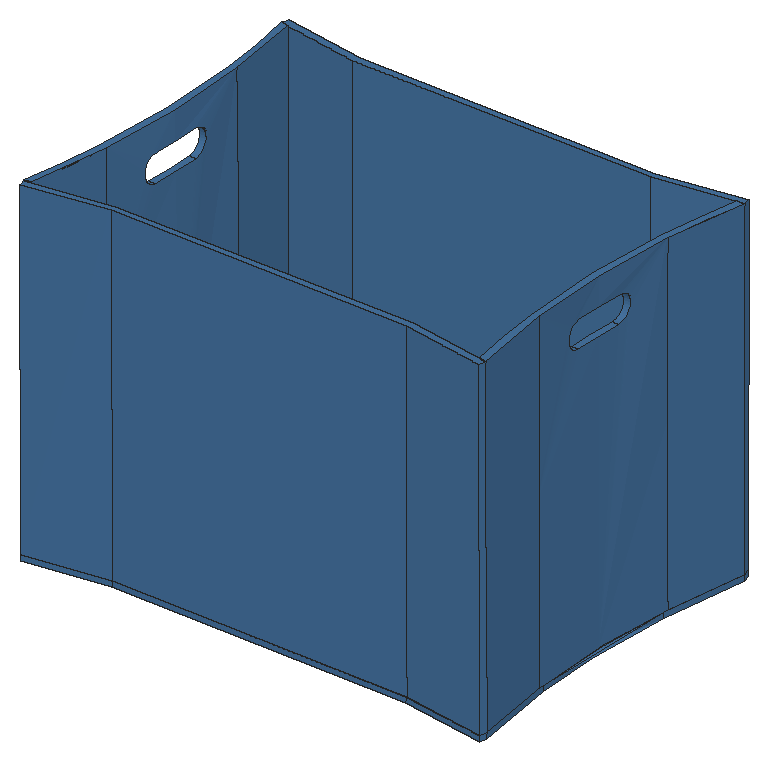
Revit family "Haworth_BuzziBox", category Furniture, Revit 2018 (continued)
Definition of nested family "Haworth_BuzziBox_PART"
  Forms (in)
    SweptBlend 29, solid, material <- "Box Body Finish", visible <- "XXS Box"
      profile origin (41.97205, -2.05164, 0) x (0, -1, -0.000064) y (1, 0, 0)
        loop
          arc (-0.31397, -2.93036) -> (-0.96917, -3.93359) -> (-1.2763, -5.0918) r 3.76821
          arc (-1.2763, -5.0918) -> (-1.51543, -9.89252) -> (-1.2763, -14.69325) r 48.30928
          arc (-1.2763, -14.69325) -> (-0.96534, -15.86004) -> (-0.30127, -16.86856) r 3.76821
          line (-0.30127, -16.86856) -> (-0.01926, -16.58654)
          arc (-0.01926, -16.58654) -> (-0.60518, -15.68939) -> (-0.87983, -14.65365) r 3.36978
          arc (-0.87983, -14.65365) -> (-1.11699, -9.89252) -> (-0.87983, -5.13139) r 47.91085
      end profile origin (41.97205, -2.15134, 10.63) x (0, -0.999825, -0.018693) y (1, 0, 0)
        loop
          arc (-0.95185, -5.13139) -> (-0.68102, -4.10425) -> (-0.1039, -3.21245) r 3.36978
          line (-0.1039, -3.21245) -> (-0.38599, -2.93036)
          arc (-0.38599, -2.93036) -> (-1.04119, -3.93359) -> (-1.34832, -5.0918) r 3.76821
          arc (-1.34832, -5.0918) -> (-1.58745, -9.89252) -> (-1.34832, -14.69325) r 48.30928
          arc (-1.34832, -14.69325) -> (-1.03736, -15.86004) -> (-0.37329, -16.86856) r 3.76821
          line (-0.37329, -16.86856) -> (-0.09127, -16.58654)
          arc (-0.09127, -16.58654) -> (-0.6772, -15.68939) -> (-0.95185, -14.65365) r 3.36978
          arc (-0.95185, -14.65365) -> (-1.18901, -9.89252) -> (-0.95185, -5.13139) r 47.91085
    SweptBlend 30, solid, material <- "Box Body Finish", visible <- "XXS Box"
      path origin (-5.53058, -8.03368, 0) x (-1, 0, 0) y (0, 0, -1)
        loop
          arc (-45.75051, 0) -> (-45.77854, -5.31525) -> (-45.85608, -10.63) r 570.5932
      profile origin (40.21994, -8.03368, 0) x (-1, 0, 0.000616) y (0, -1, 0)
        loop
          arc (1.59165, -10.86257) -> (1.45446, -12.30786) -> (1.18616, -13.73463) r 15.91773
          arc (1.18616, -13.73463) -> (1.42379, -13.53682) -> (1.67684, -13.35915) r 3.76995
          arc (1.67684, -13.35915) -> (1.88067, -12.12661) -> (1.98961, -10.8821) r 16.31617
          arc (1.98961, -10.8821) -> (2.01023, -10.04119) -> (1.98961, -9.20029) r 17.16114
          arc (1.98961, -9.20029) -> (1.8809, -7.93468) -> (1.67975, -6.68044) r 17.32581
          arc (1.67975, -6.68044) -> (1.42927, -6.50508) -> (1.19382, -6.30998) r 3.76995
          arc (1.19382, -6.30998) -> (1.45596, -7.75625) -> (1.59165, -9.21981) r 16.92738
          arc (1.59165, -9.21981) -> (1.61179, -10.04119) -> (1.59165, -10.86257) r 16.7627
      end profile origin (40.32551, -8.03368, 10.63) x (-0.999815, 0, 0.019245) y (0, -1, 0)
        loop
          arc (1.67729, -10.86257) -> (1.53638, -12.33404) -> (1.25958, -13.78609) r 15.91773
          spline (1.25958, -13.78609) -> (1.29824, -13.75097) -> (1.33739, -13.71638) -> (1.37701, -13.68233) -> (1.4171, -13.64884) -> (1.45765, -13.61591) -> (1.49866, -13.58354) -> (1.5401, -13.55174) -> (1.58199, -13.52052) -> (1.6243, -13.48989) -> (1.66703, -13.45984) -> (1.71017, -13.43039) -> (1.75372, -13.40153)
          arc (1.75372, -13.40153) -> (1.96358, -12.14808) -> (2.07525, -10.8821) r 16.31617
          arc (2.07525, -10.8821) -> (2.09586, -10.04119) -> (2.07525, -9.20029) r 17.16114
          arc (2.07525, -9.20029) -> (1.9639, -7.91336) -> (1.75698, -6.63831) r 17.32581
          spline (1.75698, -6.63831) -> (1.71392, -6.60984) -> (1.67124, -6.58079) -> (1.62897, -6.55116) -> (1.58711, -6.52095) -> (1.54566, -6.49017) -> (1.50464, -6.45883) -> (1.46406, -6.42692) -> (1.42391, -6.39447) -> (1.38421, -6.36147) -> (1.34497, -6.32792) -> (1.30619, -6.29385) -> (1.26788, -6.25924)
          arc (1.26788, -6.25924) -> (1.53805, -7.73047) -> (1.67729, -9.21981) r 16.92738
          arc (1.67729, -9.21981) -> (1.69742, -10.04119) -> (1.67729, -10.86257) r 16.7627
    SweptBlend 31, solid, material <- "Box Body Finish", visible <- "XXS Box"
      path origin (69.6803, -8.03368, 0) x (1, 0, 0) y (0, 0, 1)
        loop
          arc (-45.75051, 0) -> (-45.77854, 5.31525) -> (-45.85608, 10.63) r 570.5932
      profile origin (23.92979, -8.03368, 0) x (-1, 0, -0.000616) y (0, -1, 0)
        loop
          arc (-1.59165, -10.86257) -> (-1.61179, -10.04119) -> (-1.59165, -9.21981) r 16.7627
          arc (-1.59165, -9.21981) -> (-1.45596, -7.75625) -> (-1.19382, -6.30998) r 16.92738
          arc (-1.19382, -6.30998) -> (-1.42927, -6.50508) -> (-1.67975, -6.68044) r 3.76995
          arc (-1.67975, -6.68044) -> (-1.8809, -7.93468) -> (-1.98961, -9.20029) r 17.32581
          arc (-1.98961, -9.20029) -> (-2.01023, -10.04119) -> (-1.98961, -10.8821) r 17.16114
          arc (-1.98961, -10.8821) -> (-1.88067, -12.12661) -> (-1.67684, -13.35915) r 16.31617
          arc (-1.67684, -13.35915) -> (-1.42379, -13.53682) -> (-1.18616, -13.73463) r 3.76995
          arc (-1.18616, -13.73463) -> (-1.45446, -12.30786) -> (-1.59165, -10.86257) r 15.91773
      end profile origin (23.82422, -8.03368, 10.63) x (-0.999815, 0, -0.019245) y (0, -1, 0)
        loop
          arc (-1.67729, -10.86257) -> (-1.69742, -10.04119) -> (-1.67729, -9.21981) r 16.7627
          arc (-1.67729, -9.21981) -> (-1.53805, -7.73047) -> (-1.26788, -6.25924) r 16.92738
          spline (-1.26788, -6.25924) -> (-1.30619, -6.29385) -> (-1.34497, -6.32792) -> (-1.38421, -6.36147) -> (-1.42391, -6.39447) -> (-1.46406, -6.42692) -> (-1.50464, -6.45883) -> (-1.54566, -6.49017) -> (-1.58711, -6.52095) -> (-1.62897, -6.55116) -> (-1.67124, -6.58079) -> (-1.71392, -6.60984) -> (-1.75698, -6.63831)
          arc (-1.75698, -6.63831) -> (-1.9639, -7.91336) -> (-2.07525, -9.20029) r 17.32581
          arc (-2.07525, -9.20029) -> (-2.09586, -10.04119) -> (-2.07525, -10.8821) r 17.16114
          arc (-2.07525, -10.8821) -> (-1.96358, -12.14808) -> (-1.75372, -13.40153) r 16.31617
          spline (-1.75372, -13.40153) -> (-1.71017, -13.43039) -> (-1.66703, -13.45984) -> (-1.6243, -13.48989) -> (-1.58199, -13.52052) -> (-1.5401, -13.55174) -> (-1.49866, -13.58354) -> (-1.45765, -13.61591) -> (-1.4171, -13.64884) -> (-1.37701, -13.68233) -> (-1.33739, -13.71638) -> (-1.29824, -13.75097) -> (-1.25958, -13.78609)
          arc (-1.25958, -13.78609) -> (-1.53638, -12.33404) -> (-1.67729, -10.86257) r 15.91773
    Extrusion 32, void
      sketch origin (45.19111, 125.89181, 0) x (0, 1, 0) y (0, 0, 1)
        loop
          line (-122.29208, 9.05512) -> (-125.46902, 9.05509)
          arc (-125.46902, 9.05509) -> (-126.25643, 8.26767) -> (-125.46901, 7.48026) r 0.78741
          line (-125.46901, 7.48026) -> (-122.29207, 7.48029)
          arc (-122.29207, 7.48029) -> (-121.50466, 8.26771) -> (-122.29208, 9.05512) r 0.78742
      from -28.43107 to 2.23486
    Extrusion 33, solid, material <- "Box Body Finish", visible <- "XXS Box"
      sketch origin (-0.89427, 125.89181, 0) x (1, 0, 0) y (0, 1, 0)
        loop
          arc (26.50247, -127.25181) -> (27.30343, -126.85989) -> (28.17404, -126.66705) r 3.76998
          arc (28.17404, -126.66705) -> (32.9738, -126.42822) -> (37.77357, -126.66705) r 48.34901
          arc (37.77357, -126.66705) -> (38.63816, -126.85779) -> (39.43442, -127.24492) r 3.76995
          arc (39.43442, -127.24492) -> (39.23336, -125.99111) -> (39.12463, -124.72595) r 17.33356
          arc (39.12463, -124.72595) -> (39.10398, -123.88659) -> (39.1244, -123.04722) r 17.16457
          arc (39.1244, -123.04722) -> (39.23331, -121.80078) -> (39.43737, -120.56634) r 16.32412
          arc (39.43737, -120.56634) -> (38.64026, -120.95463) -> (37.77452, -121.14601) r 3.76995
          arc (37.77452, -121.14601) -> (32.97379, -121.38494) -> (28.17307, -121.14601) r 48.34901
          arc (28.17307, -121.14601) -> (27.30129, -120.95251) -> (26.49947, -120.5594) r 3.76998
          arc (26.49947, -120.5594) -> (26.70451, -121.79727) -> (26.81386, -123.04722) r 16.32412
          arc (26.81386, -123.04722) -> (26.83428, -123.88659) -> (26.81363, -124.72595) r 17.16457
          arc (26.81363, -124.72595) -> (26.70447, -125.9946) -> (26.50247, -127.25181) r 17.33356
      from 0 to 0.31496
    Extrusion 34, solid, material <- "Box Body Finish", visible <- "M Box"
      sketch origin (0.13219, 58.21573, 0) x (1, 0, 0) y (0, 1, 0)
        loop
          arc (23.71254, -64.2509) -> (32.30608, -63.82545) -> (40.89961, -64.2509) r 87
          arc (40.89961, -64.2509) -> (42.49432, -64.43683) -> (44.08173, -64.67725) r 46.87691
          arc (44.08173, -64.67725) -> (43.78854, -62.84273) -> (43.56764, -60.99811) r 47.2871
          arc (43.56764, -60.99811) -> (43.33303, -56.28462) -> (43.56754, -51.57112) r 47.47666
          arc (43.56754, -51.57112) -> (43.75997, -49.93518) -> (44.00975, -48.30702) r 46.87929
          arc (44.00975, -48.30702) -> (42.45815, -48.54017) -> (40.89961, -48.72126) r 46.87691
          arc (40.89961, -48.72126) -> (32.30608, -49.14671) -> (23.71254, -48.72126) r 87
          arc (23.71254, -48.72126) -> (22.2025, -48.5466) -> (20.69891, -48.32307) r 46.87691
          arc (20.69891, -48.32307) -> (21.36954, -56.49801) -> (20.60504, -64.6647) r 46.87929
          arc (20.60504, -64.6647) -> (22.15533, -64.43182) -> (23.71254, -64.2509) r 46.87691
      from 0 to 0.31496
    SweptBlend 35, solid, material <- "Box Body Finish", visible <- "M Box"
      path origin (66.0881, -7.87997, 0) x (1, 0, 0) y (0, 0, 1)
        loop
          arc (-45.75051, 0.31496) -> (-45.80747, 8.03322) -> (-45.96882, 15.75) r 570.5932
      profile origin (20.33759, -7.87997, 0.31496) x (-1, 0, -0.000616) y (0, -1, 0)
        loop
          arc (-0.93283, -14.52591) -> (-1.16766, -9.81154) -> (-0.93282, -5.09718) r 47.43764
          arc (-0.93282, -5.09718) -> (-0.74071, -3.46208) -> (-0.49179, -1.83467) r 47.28232
          arc (-0.49179, -1.83467) -> (-0.66981, -1.86386) -> (-0.84795, -1.89238) r 47.27535
          arc (-0.84795, -1.89238) -> (-1.09044, -3.48851) -> (-1.27829, -5.092) r 47.275
          arc (-1.27829, -5.092) -> (-1.51509, -9.84594) -> (-1.27828, -14.59987) r 47.83703
          arc (-1.27828, -14.59987) -> (-1.12257, -15.95965) -> (-0.92756, -17.31435) r 47.27505
          arc (-0.92756, -17.31435) -> (-0.74375, -17.34347) -> (-0.56005, -17.3733) r 47.27535
          arc (-0.56005, -17.3733) -> (-0.76825, -15.95246) -> (-0.93283, -14.52591) r 46.87563
      end profile origin (20.11928, -7.87997, 15.75) x (-0.999617, 0, -0.027666) y (0, -1, 0)
        loop
          arc (-1.14536, -14.56009) -> (-1.38019, -9.8457) -> (-1.14536, -5.13132) r 47.43892
          arc (-1.14536, -5.13132) -> (-0.9649, -3.58467) -> (-0.73317, -2.04487) r 46.87691
          spline (-0.73317, -2.04487) -> (-0.76773, -2.05057) -> (-0.80229, -2.05625) -> (-0.83686, -2.06191) -> (-0.87143, -2.06754) -> (-0.90601, -2.07314) -> (-0.94059, -2.07872) -> (-0.97517, -2.08427) -> (-1.00976, -2.0898) -> (-1.04435, -2.0953) -> (-1.07895, -2.10078) -> (-1.11355, -2.10623) -> (-1.14816, -2.11165)
          arc (-1.14816, -2.11165) -> (-1.36868, -3.59856) -> (-1.54182, -5.09172) r 47.27535
          arc (-1.54182, -5.09172) -> (-1.77863, -9.8457) -> (-1.54182, -14.59968) r 47.83736
          arc (-1.54182, -14.59968) -> (-1.40015, -15.84975) -> (-1.22527, -17.0956) r 47.27535
          spline (-1.22527, -17.0956) -> (-1.1908, -17.10095) -> (-1.15632, -17.10632) -> (-1.12186, -17.11172) -> (-1.08739, -17.11714) -> (-1.05293, -17.12259) -> (-1.01848, -17.12806) -> (-0.98402, -17.13356) -> (-0.94958, -17.13908) -> (-0.91513, -17.14463) -> (-0.88069, -17.1502) -> (-0.84626, -17.1558) -> (-0.81183, -17.16143)
          arc (-0.81183, -17.16143) -> (-0.99679, -15.86309) -> (-1.14536, -14.56009) r 46.87691
    Extrusion 36, solid, material <- "Box Body Finish", visible <- "L Box"
      sketch origin (0.01291, 47.19096, 0) x (1, 0, 0) y (0, 1, 0)
        loop
          arc (20.11536, -40.65861) -> (20.34987, -45.37174) -> (20.11535, -50.08488) r 47.47794
          arc (20.11535, -50.08488) -> (19.86084, -52.16322) -> (19.51378, -54.22813) r 46.88473
          line (19.51378, -54.22813) -> (19.61467, -54.61938)
          arc (19.61467, -54.61938) -> (21.65709, -54.27887) -> (23.71254, -54.02889) r 46.87691
          arc (23.71254, -54.02889) -> (32.30608, -53.60343) -> (40.89961, -54.02889) r 87
          arc (40.89961, -54.02889) -> (42.95609, -54.27902) -> (44.9995, -54.61976) r 46.87691
          line (44.9995, -54.61976) -> (45.09857, -54.23556)
          arc (45.09857, -54.23556) -> (44.75062, -52.16697) -> (44.49555, -50.08489) r 46.88343
          arc (44.49555, -50.08489) -> (44.26105, -45.3719) -> (44.49556, -40.65892) r 47.47666
          arc (44.49556, -40.65892) -> (44.74001, -38.65026) -> (45.0709, -36.65402) r 46.88249
          line (45.0709, -36.65402) -> (44.9995, -36.37712)
          arc (44.9995, -36.37712) -> (42.95609, -36.71786) -> (40.89961, -36.96799) r 46.87691
          arc (40.89961, -36.96799) -> (32.30608, -37.39345) -> (23.71254, -36.96799) r 87
          arc (23.71254, -36.96799) -> (21.65709, -36.71801) -> (19.61467, -36.3775) r 46.87691
          line (19.61467, -36.3775) -> (19.54146, -36.66141)
          arc (19.54146, -36.66141) -> (19.87146, -38.65383) -> (20.11536, -40.65861) r 46.88376
      from 0 to 0.31496
  Cuts and joins
    Extrusion 6 cuts SweptBlend 5
    Extrusion 6 cuts SweptBlend 3
    Extrusion 11 cuts SweptBlend 9
    Extrusion 11 cuts SweptBlend 8
    Extrusion 15 cuts SweptBlend 13
    Extrusion 16 cuts SweptBlend 19
    Extrusion 16 cuts SweptBlend 20
    Extrusion 25 cuts SweptBlend 24
    Extrusion 25 cuts SweptBlend 26
    Extrusion 32 cuts SweptBlend 31
    Extrusion 32 cuts SweptBlend 30
    Extrusion 15 cuts SweptBlend 35
  Lines and regions (in)
    Masking region 1
      outline origin (0, 0, 0) x (1, 0, 0) y (0, 1, 0)
        loop
          line (18.52678, 11.5957) -> (18.52678, -8.0957) -> (46.08538, -8.0957) -> (46.08538, 11.5957) -> (18.52678, 11.5957)
  Dimensions and locks (in)
    "Actual Height": plane 2 "Top" to plane 1  (x2)
    plane 8 to plane 1 = 17.72"  (x2)
    plane 9 to plane 1 = 15 3/4"
    plane 10 to plane 1 = 13.78"
    plane 9 to level = 15 3/4"
    plane 11 to plane 1 = 10.63"
    "Actual Width": plane 12 to plane 13
    equal spacing: plane 12, plane 3, plane 13
    equal spacing: plane 14, plane 4, plane 15
    "Actual Depth": plane 14 to plane 15
    aligned and locked: Extrusion 4 to plane 7
    aligned and locked: plane 8 to SweptBlend 7 sketch curve
    aligned and locked: Extrusion 21 to plane 7
    aligned and locked: Extrusion 27 to plane 7
    aligned and locked: Extrusion 33 to plane 7
    aligned and locked: Masking region 1 sketch curve to plane 14
    aligned and locked: Masking region 1 sketch curve to plane 12
    aligned and locked: plane 15 to Masking region 1 sketch curve
    aligned and locked: Masking region 1 sketch curve to plane 13
    aligned and locked: plane 2 "Top" to SweptBlend 5 sketch curve
    aligned and locked: plane 7 to SweptBlend 5 sketch curve
    aligned and locked: plane 2 "Top" to SweptBlend 2 sketch curve
    aligned and locked: plane 2 "Top" to SweptBlend 1 sketch curve
  Automatic sketch dimensions
    SweptBlend 1 sketch curve to SweptBlend 1 sketch curve = 0"  (x16)
    SweptBlend 1 sketch curve to profile plane = 9.87806"  (x2)
    profile plane to SweptBlend 1 sketch curve = 85.658"
    SweptBlend 1 sketch curve to SweptBlend 1 sketch curve = 0.40042"  (x2)
    SweptBlend 1 sketch curve to profile plane = 5.91485"  (x2)
    SweptBlend 1 sketch curve to SweptBlend 1 sketch curve = 39.52646"  (x2)
    SweptBlend 1 sketch curve to profile plane = 0.17191"
    SweptBlend 1 sketch curve to profile plane = 0.20165"
    SweptBlend 1 sketch curve to SweptBlend 1 sketch curve = 0.38626"  (x2)
    SweptBlend 1 sketch curve to SweptBlend 1 sketch curve = 0.38632"
    SweptBlend 1 sketch curve to SweptBlend 1 sketch curve = 7.92642"  (x2)
    SweptBlend 1 sketch curve to profile plane = 23.20205"
    SweptBlend 1 sketch curve to SweptBlend 1 sketch curve = 0.09962"  (x2)
    profile plane to SweptBlend 1 sketch curve = 3.59073"
    SweptBlend 1 sketch curve to SweptBlend 1 sketch curve = 0.09961"  (x2)
    profile plane to SweptBlend 1 sketch curve = 85.70167"
    SweptBlend 1 sketch curve to profile plane = 0.13043"
    SweptBlend 1 sketch curve to profile plane = 0.16066"
    SweptBlend 1 sketch curve to SweptBlend 1 sketch curve = 0.38633"
    SweptBlend 1 sketch curve to profile plane = 23.18893"
    profile plane to SweptBlend 1 sketch curve = 3.58013"
    SweptBlend 2 sketch curve to SweptBlend 2 sketch curve = 0"  (x16)
    profile plane to SweptBlend 2 sketch curve = 0.58797"
    profile plane to SweptBlend 2 sketch curve = 0.55817"
    profile plane to SweptBlend 2 sketch curve = 0.20165"
    profile plane to SweptBlend 2 sketch curve = 0.17191"
    SweptBlend 2 sketch curve to profile plane = 13.84127"  (x2)
    SweptBlend 2 sketch curve to profile plane = 45.73113"
    SweptBlend 2 sketch curve to SweptBlend 2 sketch curve = 39.52646"  (x2)
    SweptBlend 2 sketch curve to SweptBlend 2 sketch curve = 0.40042"  (x2)
    SweptBlend 2 sketch curve to profile plane = 23.20205"
    SweptBlend 2 sketch curve to SweptBlend 2 sketch curve = 0.09962"  (x2)
    SweptBlend 2 sketch curve to profile plane = 9.87806"  (x2)
    SweptBlend 2 sketch curve to profile plane = 5.91485"  (x2)
    profile plane to SweptBlend 2 sketch curve = 3.59073"
    SweptBlend 2 sketch curve to SweptBlend 2 sketch curve = 0.09961"  (x2)
    profile plane to SweptBlend 2 sketch curve = 0.54698"
    profile plane to SweptBlend 2 sketch curve = 0.5167"
    profile plane to SweptBlend 2 sketch curve = 0.16066"
    profile plane to SweptBlend 2 sketch curve = 0.13043"
    SweptBlend 2 sketch curve to profile plane = 45.7748"
    SweptBlend 2 sketch curve to profile plane = 23.18893"
    profile plane to SweptBlend 2 sketch curve = 3.58013"
    SweptBlend 3 sketch curve to SweptBlend 3 sketch curve = 0"  (x20)
    SweptBlend 3 sketch curve to profile plane = 9.8457"  (x2)
    profile plane to SweptBlend 3 sketch curve = 46.35286"
    SweptBlend 3 sketch curve to SweptBlend 3 sketch curve = 0.55923"  (x2)
    SweptBlend 3 sketch curve to SweptBlend 3 sketch curve = 0.05585"  (x2)
    SweptBlend 3 sketch curve to SweptBlend 3 sketch curve = 0.1117"  (x2)
    SweptBlend 3 sketch curve to profile plane = 0.14559"  (x2)
    SweptBlend 3 sketch curve to SweptBlend 3 sketch curve = 0.42369"  (x2)
    SweptBlend 3 sketch curve to profile plane = 0.85123"  (x2)
    SweptBlend 3 sketch curve to SweptBlend 3 sketch curve = 0.39647"  (x2)
    SweptBlend 3 sketch curve to SweptBlend 3 sketch curve = 9.17122"
    SweptBlend 3 sketch curve to profile plane = 9.7405"
    SweptBlend 3 sketch curve to SweptBlend 3 sketch curve = 0.89813"
    profile plane to SweptBlend 3 sketch curve = 45.83071"
    profile plane to SweptBlend 3 sketch curve = 46.01967"
    SweptBlend 3 sketch curve to profile plane = 0.46948"  (x2)
    SweptBlend 3 sketch curve to SweptBlend 3 sketch curve = 0.42389"  (x2)
    SweptBlend 3 sketch curve to SweptBlend 3 sketch curve = 0.29104"
    SweptBlend 3 sketch curve to profile plane = 1.18442"
    SweptBlend 3 sketch curve to SweptBlend 3 sketch curve = 9.17506"
    SweptBlend 3 sketch curve to profile plane = 10.06844"
    SweptBlend 3 sketch curve to SweptBlend 3 sketch curve = 0.89995"
    profile plane to SweptBlend 3 sketch curve = 45.87438"
    Extrusion 4 sketch curve to plane 5 = 1.39749"  (x2)
    Extrusion 4 sketch curve to Extrusion 4 sketch curve = 0.09562"
    Extrusion 4 sketch curve to Extrusion 4 sketch curve = 0.09667"
    plane 3 to Extrusion 4 sketch curve = 4.07903"
    plane 3 to Extrusion 4 sketch curve = 4.0713"
    plane 3 to Extrusion 4 sketch curve = 0.11583"
    plane 3 to Extrusion 4 sketch curve = 0.10809"
    Extrusion 4 sketch curve to plane 3 = 3.84738"
    Extrusion 4 sketch curve to plane 3 = 3.85511"
    plane 6 to Extrusion 4 sketch curve = 1.63725"
    plane 6 to Extrusion 4 sketch curve = 1.63708"
    Extrusion 4 sketch curve to Extrusion 4 sketch curve = 0.09677"
    Extrusion 4 sketch curve to Extrusion 4 sketch curve = 0.09697"
    Extrusion 4 sketch curve to plane 4 = 95.65997"
    Extrusion 4 sketch curve to Extrusion 4 sketch curve = 39.92687"  (x2)
    Extrusion 4 sketch curve to Extrusion 4 sketch curve = 0"  (x4)
    Extrusion 4 sketch curve to plane 4 = 9.8307"
    Extrusion 4 sketch curve to plane 4 = 9.79908"
    Extrusion 4 sketch curve to Extrusion 4 sketch curve = 0.37609"
    Extrusion 4 sketch curve to Extrusion 4 sketch curve = 0.37487"
    plane 4 to Extrusion 4 sketch curve = 9.31326"
    plane 4 to Extrusion 4 sketch curve = 9.34345"
    Extrusion 4 sketch curve to Extrusion 4 sketch curve = 0.37083"
    Extrusion 4 sketch curve to Extrusion 4 sketch curve = 0.37527"
    Extrusion 4 sketch curve to Extrusion 4 sketch curve = 45.90075"
    Extrusion 4 sketch curve to plane 4 = 0.00112"
    plane 5 to Extrusion 4 sketch curve = 44.52766"  (x2)
    Extrusion 4 sketch curve to plane 4 = 0.05547"
    Extrusion 4 sketch curve to Extrusion 4 sketch curve = 0.5882"
    Extrusion 4 sketch curve to plane 5 = 2 17/128"
    Extrusion 4 sketch curve to plane 5 = 2.13284"
    plane 6 to Extrusion 4 sketch curve = 2.28228"
    plane 6 to Extrusion 4 sketch curve = 2.28188"
    Extrusion 4 sketch curve to plane 4 = 0.0012"
    Extrusion 4 sketch curve to plane 6 = 44.37894"  (x2)
    Extrusion 4 sketch curve to Extrusion 4 sketch curve = 0.58825"
    Extrusion 4 sketch curve to plane 4 = 47.53343"
    Extrusion 4 sketch curve to plane 4 = 47.53341"
    Extrusion 4 sketch curve to Extrusion 4 sketch curve = 0.53669"
    Extrusion 4 sketch curve to Extrusion 4 sketch curve = 0.53674"
    Extrusion 4 sketch curve to plane 4 = 4.42104"
    Extrusion 4 sketch curve to plane 4 = 4.42196"
    Extrusion 4 sketch curve to plane 4 = 0.05549"
    SweptBlend 5 sketch curve to SweptBlend 5 sketch curve = 0"  (x20)
    profile plane to SweptBlend 5 sketch curve = 9.61403"  (x2)
    SweptBlend 5 sketch curve to profile plane = 9.90155"  (x2)
    SweptBlend 5 sketch curve to profile plane = 45.79363"
    SweptBlend 5 sketch curve to SweptBlend 5 sketch curve = 0.55923"  (x2)
    SweptBlend 5 sketch curve to profile plane = 65.52211"
    SweptBlend 5 sketch curve to SweptBlend 5 sketch curve = 0.05585"  (x2)
    SweptBlend 5 sketch curve to SweptBlend 5 sketch curve = 0.1117"  (x2)
    profile plane to SweptBlend 5 sketch curve = 45.83071"
    profile plane to SweptBlend 5 sketch curve = 1.24769"
    SweptBlend 5 sketch curve to SweptBlend 5 sketch curve = 0.39647"  (x3)
    SweptBlend 5 sketch curve to profile plane = 0.57235"
    profile plane to SweptBlend 5 sketch curve = 0.57442"
    SweptBlend 5 sketch curve to profile plane = 45.46044"
    profile plane to SweptBlend 5 sketch curve = 0.47549"  (x2)
    SweptBlend 5 sketch curve to SweptBlend 5 sketch curve = 0.4235"  (x2)
    SweptBlend 5 sketch curve to SweptBlend 5 sketch curve = 0.28543"  (x2)
    profile plane to SweptBlend 5 sketch curve = 9.93126"  (x2)
    SweptBlend 5 sketch curve to SweptBlend 5 sketch curve = 0.8719"
    profile plane to SweptBlend 5 sketch curve = 45.87438"
    Extrusion 6 sketch curve to plane 8 = 0.38767"  (x2)
    Extrusion 6 sketch curve to plane 4 = 1.53761"
    plane 8 to Extrusion 6 sketch curve = 0.39974"
    Extrusion 6 sketch curve to Extrusion 6 sketch curve = 0"
    plane 8 to Extrusion 6 sketch curve = 0.39973"
    plane 4 to Extrusion 6 sketch curve = 1.42368"
    plane 7 to SweptBlend 7 sketch curve = 0"
    plane 4 to SweptBlend 7 sketch curve = 9.38951"
    SweptBlend 7 sketch curve to SweptBlend 7 sketch curve = 0"  (x16)
    SweptBlend 7 sketch curve to profile plane = 9.87806"  (x2)
    profile plane to SweptBlend 7 sketch curve = 85.658"
    SweptBlend 7 sketch curve to SweptBlend 7 sketch curve = 0.40042"  (x2)
    SweptBlend 7 sketch curve to profile plane = 5.91485"  (x2)
    SweptBlend 7 sketch curve to SweptBlend 7 sketch curve = 39.52646"  (x2)
    SweptBlend 7 sketch curve to profile plane = 0.32566"
    SweptBlend 7 sketch curve to profile plane = 0.32604"
    SweptBlend 7 sketch curve to SweptBlend 7 sketch curve = 0.38663"  (x4)
    SweptBlend 7 sketch curve to SweptBlend 7 sketch curve = 7.92642"  (x2)
    SweptBlend 7 sketch curve to profile plane = 22.56947"
    SweptBlend 7 sketch curve to SweptBlend 7 sketch curve = 0.0997"  (x4)
    profile plane to SweptBlend 7 sketch curve = 2.81536"
    profile plane to SweptBlend 7 sketch curve = 85.45167"
    SweptBlend 7 sketch curve to profile plane = 0.53375"
    SweptBlend 7 sketch curve to profile plane = 0.53405"
    SweptBlend 7 sketch curve to profile plane = 22.56064"
    profile plane to SweptBlend 7 sketch curve = 2.80609"
    SweptBlend 8 sketch curve to plane 8 = 0"
    SweptBlend 8 sketch curve to plane 7 = 0"
    level to SweptBlend 8 sketch curve = 0.03629"
    plane 6 to SweptBlend 8 sketch curve = 568.67437"
    SweptBlend 8 sketch curve to plane 6 = 1.64248"
    SweptBlend 8 sketch curve to profile plane = 9.8455"
    profile plane to SweptBlend 8 sketch curve = 46.32299"
    SweptBlend 8 sketch curve to SweptBlend 8 sketch curve = 0.00105"
    SweptBlend 8 sketch curve to SweptBlend 8 sketch curve = 0.55817"
    SweptBlend 8 sketch curve to SweptBlend 8 sketch curve = 0.00007"
    SweptBlend 8 sketch curve to SweptBlend 8 sketch curve = 0.00103"  (x2)
    SweptBlend 8 sketch curve to profile plane = 9.13747"  (x2)
    SweptBlend 8 sketch curve to SweptBlend 8 sketch curve = 0.0004"
    SweptBlend 8 sketch curve to SweptBlend 8 sketch curve = 0.05557"
    SweptBlend 8 sketch curve to SweptBlend 8 sketch curve = 0.00034"
    SweptBlend 8 sketch curve to profile plane = 64.89711"
    SweptBlend 8 sketch curve to SweptBlend 8 sketch curve = 0.11133"
    SweptBlend 8 sketch curve to SweptBlend 8 sketch curve = 0.00019"
    profile plane to SweptBlend 8 sketch curve = 45.45912"
    SweptBlend 8 sketch curve to profile plane = 0.27625"
    SweptBlend 8 sketch curve to profile plane = 0.32573"
    SweptBlend 8 sketch curve to SweptBlend 8 sketch curve = 0.42242"
    SweptBlend 8 sketch curve to profile plane = 0.87981"
    SweptBlend 8 sketch curve to profile plane = 0.87983"
    SweptBlend 8 sketch curve to SweptBlend 8 sketch curve = 0.39847"
    SweptBlend 8 sketch curve to SweptBlend 8 sketch curve = 0.39846"
    SweptBlend 8 sketch curve to profile plane = 14.55981"
    SweptBlend 8 sketch curve to SweptBlend 8 sketch curve = 0"  (x10)
    SweptBlend 8 sketch curve to profile plane = 9.8457"
    profile plane to SweptBlend 8 sketch curve = 46.05873"
    SweptBlend 8 sketch curve to SweptBlend 8 sketch curve = 0.55923"
    SweptBlend 8 sketch curve to SweptBlend 8 sketch curve = 0.05585"
    SweptBlend 8 sketch curve to SweptBlend 8 sketch curve = 0.1117"
    SweptBlend 8 sketch curve to profile plane = 0.58302"
    SweptBlend 8 sketch curve to profile plane = 0.6312"
    SweptBlend 8 sketch curve to SweptBlend 8 sketch curve = 0.41951"
    SweptBlend 8 sketch curve to SweptBlend 8 sketch curve = 0.41853"
    SweptBlend 8 sketch curve to SweptBlend 8 sketch curve = 0.09563"
    SweptBlend 8 sketch curve to profile plane = 1.14536"
    SweptBlend 8 sketch curve to SweptBlend 8 sketch curve = 0.39647"
    SweptBlend 8 sketch curve to SweptBlend 8 sketch curve = 7.83609"
    SweptBlend 8 sketch curve to profile plane = 9.37792"
    SweptBlend 8 sketch curve to SweptBlend 8 sketch curve = 2.81575"
    profile plane to SweptBlend 8 sketch curve = 45.25279"
    SweptBlend 9 sketch curve to plane 8 = 0"
    SweptBlend 9 sketch curve to plane 7 = 0"
    SweptBlend 9 sketch curve to level = 0.03629"
    plane 5 to SweptBlend 9 sketch curve = 568.7216"
    SweptBlend 9 sketch curve to plane 5 = 1.59525"
    SweptBlend 9 sketch curve to SweptBlend 9 sketch curve = 0"  (x20)
    profile plane to SweptBlend 9 sketch curve = 9.11794"  (x2)
    SweptBlend 9 sketch curve to profile plane = 9.90155"  (x2)
    SweptBlend 9 sketch curve to profile plane = 45.7741"
    SweptBlend 9 sketch curve to SweptBlend 9 sketch curve = 0.55923"  (x2)
    SweptBlend 9 sketch curve to profile plane = 64.89711"
    SweptBlend 9 sketch curve to SweptBlend 9 sketch curve = 0.05585"  (x2)
    SweptBlend 9 sketch curve to SweptBlend 9 sketch curve = 0.1117"  (x2)
    profile plane to SweptBlend 9 sketch curve = 45.45912"
    profile plane to SweptBlend 9 sketch curve = 1.26723"  (x2)
    SweptBlend 9 sketch curve to SweptBlend 9 sketch curve = 0.39647"  (x3)
    profile plane to SweptBlend 9 sketch curve = 0.73647"
    profile plane to SweptBlend 9 sketch curve = 0.68796"
    SweptBlend 9 sketch curve to profile plane = 45.51903"
    profile plane to SweptBlend 9 sketch curve = 0.56306"
    profile plane to SweptBlend 9 sketch curve = 0.61125"
    SweptBlend 9 sketch curve to SweptBlend 9 sketch curve = 0.41954"
    SweptBlend 9 sketch curve to SweptBlend 9 sketch curve = 0.41856"
    profile plane to SweptBlend 9 sketch curve = 1.12583"
    SweptBlend 9 sketch curve to SweptBlend 9 sketch curve = 7.84782"
    profile plane to SweptBlend 9 sketch curve = 9.37011"
    SweptBlend 9 sketch curve to SweptBlend 9 sketch curve = 2.81575"
    profile plane to SweptBlend 9 sketch curve = 45.25279"
    SweptBlend 10 sketch curve to plane 8 = 0"
    plane 7 to SweptBlend 10 sketch curve = 0"
    SweptBlend 10 sketch curve to plane 4 = 9.50447"
    SweptBlend 10 sketch curve to SweptBlend 10 sketch curve = 0"  (x16)
    profile plane to SweptBlend 10 sketch curve = 0.71267"
    profile plane to SweptBlend 10 sketch curve = 0.71229"
    profile plane to SweptBlend 10 sketch curve = 0.32604"
    profile plane to SweptBlend 10 sketch curve = 0.32566"
    SweptBlend 10 sketch curve to profile plane = 13.84127"  (x2)
    SweptBlend 10 sketch curve to profile plane = 45.73113"
    SweptBlend 10 sketch curve to SweptBlend 10 sketch curve = 39.52646"  (x2)
    SweptBlend 10 sketch curve to SweptBlend 10 sketch curve = 0.40042"  (x2)
    SweptBlend 10 sketch curve to profile plane = 22.56947"
    SweptBlend 10 sketch curve to SweptBlend 10 sketch curve = 0.0997"  (x4)
    SweptBlend 10 sketch curve to profile plane = 9.87806"  (x2)
    SweptBlend 10 sketch curve to profile plane = 5.91485"  (x2)
    profile plane to SweptBlend 10 sketch curve = 2.81536"
    profile plane to SweptBlend 10 sketch curve = 0.92068"
    profile plane to SweptBlend 10 sketch curve = 0.92038"
    SweptBlend 10 sketch curve to SweptBlend 10 sketch curve = 0.38663"  (x2)
    SweptBlend 10 sketch curve to profile plane = 45.5248"
    SweptBlend 10 sketch curve to profile plane = 22.56064"
    profile plane to SweptBlend 10 sketch curve = 2.80609"
    Extrusion 11 sketch curve to plane 9 = 0.38642"  (x2)
    Extrusion 11 sketch curve to plane 4 = 1.85041"
    plane 9 to Extrusion 11 sketch curve = 0.40099"
    Extrusion 11 sketch curve to Extrusion 11 sketch curve = 0"
    plane 9 to Extrusion 11 sketch curve = 0.40098"
    Extrusion 11 sketch curve to Extrusion 11 sketch curve = 2.96129"
    SweptBlend 12 sketch curve to plane 9 = 0"
    plane 7 to SweptBlend 12 sketch curve = 0"
    plane 4 to SweptBlend 12 sketch curve = 8.66101"
    SweptBlend 12 sketch curve to SweptBlend 12 sketch curve = 0"  (x19)
    SweptBlend 12 sketch curve to profile plane = 9.87806"  (x2)
    profile plane to SweptBlend 12 sketch curve = 85.658"
    SweptBlend 12 sketch curve to SweptBlend 12 sketch curve = 0.40042"  (x2)
    SweptBlend 12 sketch curve to profile plane = 5.91485"  (x2)
    SweptBlend 12 sketch curve to SweptBlend 12 sketch curve = 39.52646"  (x2)
    SweptBlend 12 sketch curve to profile plane = 8.37326"
    SweptBlend 12 sketch curve to profile plane = 8.40738"
    SweptBlend 12 sketch curve to SweptBlend 12 sketch curve = 7.92642"
    SweptBlend 12 sketch curve to profile plane = 68.11821"
    profile plane to SweptBlend 12 sketch curve = 48.44402"
    SweptBlend 12 sketch curve to profile plane = 0.50187"
    SweptBlend 12 sketch curve to profile plane = 0.51695"
    SweptBlend 12 sketch curve to profile plane = 0.91654"
    SweptBlend 12 sketch curve to SweptBlend 12 sketch curve = 0.41526"
    SweptBlend 12 sketch curve to SweptBlend 12 sketch curve = 0.41491"
    profile plane to SweptBlend 12 sketch curve = 85.45167"
    SweptBlend 12 sketch curve to profile plane = 13.84127"
    profile plane to SweptBlend 12 sketch curve = 38.88513"
    profile plane to SweptBlend 12 sketch curve = 38.87945"
    SweptBlend 12 sketch curve to profile plane = 0.71438"
    SweptBlend 12 sketch curve to profile plane = 0.72964"
    SweptBlend 12 sketch curve to profile plane = 1.12287"
    SweptBlend 12 sketch curve to SweptBlend 12 sketch curve = 0.4148"
    SweptBlend 12 sketch curve to SweptBlend 12 sketch curve = 0.41452"
    SweptBlend 12 sketch curve to SweptBlend 12 sketch curve = 0.39182"
    SweptBlend 12 sketch curve to profile plane = 8.3959"
    SweptBlend 12 sketch curve to profile plane = 8.40159"
    SweptBlend 13 sketch curve to plane 9 = 0"
    SweptBlend 13 sketch curve to plane 7 = 0"
    level to SweptBlend 13 sketch curve = 0.03629"
    plane 6 to SweptBlend 13 sketch curve = 567.91475"
    SweptBlend 13 sketch curve to plane 6 = 2.46003"
    SweptBlend 13 sketch curve to profile plane = 9.8459"
    profile plane to SweptBlend 13 sketch curve = 46.32194"
    SweptBlend 13 sketch curve to SweptBlend 13 sketch curve = 0.05196"
    SweptBlend 13 sketch curve to SweptBlend 13 sketch curve = 0.15455"
    SweptBlend 13 sketch curve to SweptBlend 13 sketch curve = 0.35268"
    SweptBlend 13 sketch curve to SweptBlend 13 sketch curve = 0.00007"
    SweptBlend 13 sketch curve to SweptBlend 13 sketch curve = 0.052"
    SweptBlend 13 sketch curve to profile plane = 8.23122"  (x2)
    SweptBlend 13 sketch curve to SweptBlend 13 sketch curve = 0.02155"
    SweptBlend 13 sketch curve to SweptBlend 13 sketch curve = 0.03437"
    SweptBlend 13 sketch curve to profile plane = 64.02211"
    SweptBlend 13 sketch curve to SweptBlend 13 sketch curve = 0.03431"
    SweptBlend 13 sketch curve to SweptBlend 13 sketch curve = 0.01544"
    SweptBlend 13 sketch curve to SweptBlend 13 sketch curve = 0.0773"
    profile plane to SweptBlend 13 sketch curve = 44.80287"
    SweptBlend 13 sketch curve to profile plane = 0.49179"
    SweptBlend 13 sketch curve to profile plane = 0.56005"
    SweptBlend 13 sketch curve to SweptBlend 13 sketch curve = 0.35616"
    SweptBlend 13 sketch curve to SweptBlend 13 sketch curve = 0.36751"
    SweptBlend 13 sketch curve to profile plane = 0.93282"
    SweptBlend 13 sketch curve to SweptBlend 13 sketch curve = 0"  (x11)
    SweptBlend 13 sketch curve to SweptBlend 13 sketch curve = 0.34546"
    SweptBlend 13 sketch curve to SweptBlend 13 sketch curve = 0.34547"
    SweptBlend 13 sketch curve to profile plane = 9.8457"
    profile plane to SweptBlend 13 sketch curve = 46.05873"
    SweptBlend 13 sketch curve to SweptBlend 13 sketch curve = 0.55923"
    SweptBlend 13 sketch curve to SweptBlend 13 sketch curve = 0.05585"
    SweptBlend 13 sketch curve to SweptBlend 13 sketch curve = 0.1117"
    SweptBlend 13 sketch curve to profile plane = 0.73317"
    SweptBlend 13 sketch curve to profile plane = 0.81183"
    SweptBlend 13 sketch curve to profile plane = 1.14536"
    SweptBlend 13 sketch curve to SweptBlend 13 sketch curve = 0.41498"
    SweptBlend 13 sketch curve to SweptBlend 13 sketch curve = 0.41344"
    SweptBlend 13 sketch curve to SweptBlend 13 sketch curve = 0.39647"  (x2)
    SweptBlend 13 sketch curve to SweptBlend 13 sketch curve = 6.90447"
    SweptBlend 13 sketch curve to profile plane = 8.4463"
    SweptBlend 13 sketch curve to SweptBlend 13 sketch curve = 1.94075"
    profile plane to SweptBlend 13 sketch curve = 44.59654"
    SweptBlend 14 sketch curve to plane 9 = 0"
    SweptBlend 14 sketch curve to plane 7 = 0"
    SweptBlend 14 sketch curve to plane 4 = 8.70171"
    SweptBlend 14 sketch curve to SweptBlend 14 sketch curve = 0"  (x19)
    profile plane to SweptBlend 14 sketch curve = 8.94795"
    profile plane to SweptBlend 14 sketch curve = 8.86789"
    SweptBlend 14 sketch curve to profile plane = 5.91485"  (x2)
    SweptBlend 14 sketch curve to profile plane = 45.73113"
    SweptBlend 14 sketch curve to SweptBlend 14 sketch curve = 39.52646"  (x2)
    SweptBlend 14 sketch curve to SweptBlend 14 sketch curve = 0.40042"  (x2)
    SweptBlend 14 sketch curve to profile plane = 9.87806"  (x2)
    SweptBlend 14 sketch curve to SweptBlend 14 sketch curve = 7.92642"  (x2)
    SweptBlend 14 sketch curve to profile plane = 68.16747"
    profile plane to SweptBlend 14 sketch curve = 48.43944"
    SweptBlend 14 sketch curve to profile plane = 1.19833"
    SweptBlend 14 sketch curve to SweptBlend 14 sketch curve = 0.39182"  (x3)
    profile plane to SweptBlend 14 sketch curve = 0.90761"
    profile plane to SweptBlend 14 sketch curve = 0.9051"
    SweptBlend 14 sketch curve to profile plane = 45.5248"
    SweptBlend 14 sketch curve to profile plane = 38.47923"
    SweptBlend 14 sketch curve to profile plane = 38.43929"
    profile plane to SweptBlend 14 sketch curve = 0.70148"
    profile plane to SweptBlend 14 sketch curve = 0.71568"
    SweptBlend 14 sketch curve to SweptBlend 14 sketch curve = 0.41575"
    profile plane to SweptBlend 14 sketch curve = 1.12287"
    SweptBlend 14 sketch curve to SweptBlend 14 sketch curve = 0.4154"
    profile plane to SweptBlend 14 sketch curve = 8.80267"
    profile plane to SweptBlend 14 sketch curve = 8.84261"
    plane 10 to Extrusion 15 sketch curve = 0.38517"  (x2)
    plane 4 to Extrusion 15 sketch curve = 1.51641"
    Extrusion 15 sketch curve to plane 10 = 0.40224"
    Extrusion 15 sketch curve to Extrusion 15 sketch curve = 0"
    Extrusion 15 sketch curve to plane 10 = 0.40223"
    Extrusion 15 sketch curve to Extrusion 15 sketch curve = 2.96129"
    plane 11 to Extrusion 16 sketch curve = 1.57375"
    Extrusion 16 sketch curve to plane 4 = 1.55924"
    Extrusion 16 sketch curve to Extrusion 16 sketch curve = 3.12256"
    plane 11 to Extrusion 16 sketch curve = 0.78635"
    SweptBlend 17 sketch curve to plane 10 = 0"
    plane 7 to SweptBlend 17 sketch curve = 0"
    SweptBlend 17 sketch curve to level = 0.03629"
    plane 4 to SweptBlend 17 sketch curve = 577.48458"
    plane 4 to SweptBlend 17 sketch curve = 7.05868"
    SweptBlend 17 sketch curve to SweptBlend 17 sketch curve = 0"  (x16)
    SweptBlend 17 sketch curve to profile plane = 9.89252"  (x2)
    profile plane to SweptBlend 17 sketch curve = 46.79386"
    profile plane to SweptBlend 17 sketch curve = 2.47326"  (x2)
    SweptBlend 17 sketch curve to profile plane = 0.01926"
    SweptBlend 17 sketch curve to profile plane = 0.03188"
    SweptBlend 17 sketch curve to profile plane = 0.30127"
    SweptBlend 17 sketch curve to profile plane = 0.31397"
    SweptBlend 17 sketch curve to profile plane = 14.31878"  (x2)
    SweptBlend 17 sketch curve to SweptBlend 17 sketch curve = 2.26776"  (x2)
    SweptBlend 17 sketch curve to SweptBlend 17 sketch curve = 0.28202"  (x2)
    SweptBlend 17 sketch curve to profile plane = 5.46626"  (x2)
    SweptBlend 17 sketch curve to profile plane = 3.21245"  (x2)
    SweptBlend 17 sketch curve to SweptBlend 17 sketch curve = 0.28209"  (x2)
    profile plane to SweptBlend 17 sketch curve = 46.72184"
    profile plane to SweptBlend 17 sketch curve = 2.40124"  (x2)
    SweptBlend 17 sketch curve to profile plane = 0.09127"
    SweptBlend 17 sketch curve to profile plane = 0.1039"
    SweptBlend 17 sketch curve to profile plane = 0.37329"
    SweptBlend 17 sketch curve to profile plane = 0.38599"
    SweptBlend 18 sketch curve to plane 10 = 0"
    plane 7 to SweptBlend 18 sketch curve = 0"
    SweptBlend 18 sketch curve to level = 0.03629"
    SweptBlend 18 sketch curve to plane 4 = 577.52545"
    SweptBlend 18 sketch curve to plane 4 = 7.09955"
    SweptBlend 18 sketch curve to SweptBlend 18 sketch curve = 0"  (x16)
    profile plane to SweptBlend 18 sketch curve = 0.31397"
    profile plane to SweptBlend 18 sketch curve = 0.30127"
    profile plane to SweptBlend 18 sketch curve = 0.03188"
    profile plane to SweptBlend 18 sketch curve = 0.01926"
    SweptBlend 18 sketch curve to profile plane = 2.47326"  (x2)
    SweptBlend 18 sketch curve to profile plane = 9.89252"  (x2)
    SweptBlend 18 sketch curve to SweptBlend 18 sketch curve = 44.32059"  (x2)
    SweptBlend 18 sketch curve to profile plane = 14.31878"  (x2)
    SweptBlend 18 sketch curve to SweptBlend 18 sketch curve = 2.26776"  (x2)
    SweptBlend 18 sketch curve to SweptBlend 18 sketch curve = 0.28202"  (x2)
    SweptBlend 18 sketch curve to profile plane = 5.46626"  (x2)
    SweptBlend 18 sketch curve to profile plane = 3.21245"  (x2)
    SweptBlend 18 sketch curve to SweptBlend 18 sketch curve = 0.28209"  (x2)
    profile plane to SweptBlend 18 sketch curve = 0.38599"
    profile plane to SweptBlend 18 sketch curve = 0.37329"
    profile plane to SweptBlend 18 sketch curve = 0.1039"
    profile plane to SweptBlend 18 sketch curve = 0.09127"
    SweptBlend 18 sketch curve to profile plane = 2.40124"  (x2)
    SweptBlend 19 sketch curve to plane 10 = 0"
    SweptBlend 19 sketch curve to plane 7 = 0"
    SweptBlend 19 sketch curve to level = 0.03629"
    SweptBlend 19 sketch curve to plane 6 = 562.22345"
    plane 6 to SweptBlend 19 sketch curve = 8.20245"
    SweptBlend 19 sketch curve to SweptBlend 19 sketch curve = 0"  (x19)
    SweptBlend 19 sketch curve to profile plane = 9.89252"  (x2)
    profile plane to SweptBlend 19 sketch curve = 46.79386"
    profile plane to SweptBlend 19 sketch curve = 2.47326"  (x2)
    SweptBlend 19 sketch curve to profile plane = 2.40239"  (x2)
    SweptBlend 19 sketch curve to profile plane = 0.507"
    SweptBlend 19 sketch curve to profile plane = 14.31878"  (x2)
    SweptBlend 19 sketch curve to SweptBlend 19 sketch curve = 4.96193"
    SweptBlend 19 sketch curve to profile plane = 5.46626"  (x2)
    SweptBlend 19 sketch curve to profile plane = 0.39286"
    SweptBlend 19 sketch curve to profile plane = 0.39556"
    SweptBlend 19 sketch curve to profile plane = 0.87983"
    SweptBlend 19 sketch curve to SweptBlend 19 sketch curve = 0.6066"
    SweptBlend 19 sketch curve to SweptBlend 19 sketch curve = 0.60526"
    profile plane to SweptBlend 19 sketch curve = 46.72184"
    profile plane to SweptBlend 19 sketch curve = 2.40124"  (x2)
    SweptBlend 19 sketch curve to profile plane = 0.23839"
    SweptBlend 19 sketch curve to profile plane = 0.24398"
    SweptBlend 19 sketch curve to profile plane = 0.95185"
    SweptBlend 19 sketch curve to SweptBlend 19 sketch curve = 0.7568"
    SweptBlend 19 sketch curve to SweptBlend 19 sketch curve = 0.75286"
    SweptBlend 19 sketch curve to SweptBlend 19 sketch curve = 0.39647"
    SweptBlend 19 sketch curve to profile plane = 0.41254"
    SweptBlend 19 sketch curve to profile plane = 2.56742"  (x2)
    SweptBlend 19 sketch curve to SweptBlend 19 sketch curve = 2.66615"
    SweptBlend 20 sketch curve to plane 10 = 0"
    SweptBlend 20 sketch curve to plane 7 = 0"
    SweptBlend 20 sketch curve to level = 0.03629"
    plane 5 to SweptBlend 20 sketch curve = 562.85713"
    plane 6 to SweptBlend 20 sketch curve = 22.35249"
    SweptBlend 20 sketch curve to SweptBlend 20 sketch curve = 0"  (x20)
    SweptBlend 20 sketch curve to profile plane = 0.50698"
    profile plane to SweptBlend 20 sketch curve = 2.56225"  (x2)
    SweptBlend 20 sketch curve to profile plane = 2.47326"  (x2)
    SweptBlend 20 sketch curve to profile plane = 9.89252"
    SweptBlend 20 sketch curve to SweptBlend 20 sketch curve = 44.32059"
    SweptBlend 20 sketch curve to profile plane = 14.31878"
    SweptBlend 20 sketch curve to SweptBlend 20 sketch curve = 4.96196"
    SweptBlend 20 sketch curve to profile plane = 5.46626"
    profile plane to SweptBlend 20 sketch curve = 1.2763"
    profile plane to SweptBlend 20 sketch curve = 0.96365"
    profile plane to SweptBlend 20 sketch curve = 0.96212"
    SweptBlend 20 sketch curve to SweptBlend 20 sketch curve = 0.39647"  (x2)
    SweptBlend 20 sketch curve to profile plane = 2.30749"
    SweptBlend 20 sketch curve to profile plane = 3.68032"
    SweptBlend 20 sketch curve to profile plane = 9.92377"
    SweptBlend 20 sketch curve to SweptBlend 20 sketch curve = 42.94776"
    SweptBlend 20 sketch curve to profile plane = 14.35003"
    SweptBlend 20 sketch curve to profile plane = 5.77709"
    profile plane to SweptBlend 20 sketch curve = 0.27536"
    profile plane to SweptBlend 20 sketch curve = 0.45713"
    profile plane to SweptBlend 20 sketch curve = 1.0456"
    SweptBlend 20 sketch curve to SweptBlend 20 sketch curve = 0.81366"
    SweptBlend 20 sketch curve to SweptBlend 20 sketch curve = 0.63188"
    SweptBlend 20 sketch curve to profile plane = 0.4096"
    profile plane to SweptBlend 20 sketch curve = 2.72723"  (x2)
    SweptBlend 20 sketch curve to SweptBlend 20 sketch curve = 2.66617"
    plane 5 to Extrusion 21 sketch curve = 39.09748"
    plane 6 to Extrusion 21 sketch curve = 24.67487"
    Extrusion 21 sketch curve to Extrusion 21 sketch curve = 0.01527"
    Extrusion 21 sketch curve to Extrusion 21 sketch curve = 2.50062"
    plane 4 to Extrusion 21 sketch curve = 6.59021"
    Extrusion 21 sketch curve to Extrusion 21 sketch curve = 2.48601"
    Extrusion 21 sketch curve to Extrusion 21 sketch curve = 0.23329"
    Extrusion 21 sketch curve to Extrusion 21 sketch curve = 0.28202"  (x2)
    Extrusion 21 sketch curve to Extrusion 21 sketch curve = 2.26843"
    Extrusion 21 sketch curve to Extrusion 21 sketch curve = 2.31781"
    Extrusion 21 sketch curve to Extrusion 21 sketch curve = 0.00009"  (x3)
    plane 6 to Extrusion 21 sketch curve = 15.19755"  (x2)
    Extrusion 21 sketch curve to Extrusion 21 sketch curve = 8.85111"
    Extrusion 21 sketch curve to Extrusion 21 sketch curve = 8.85102"
    Extrusion 21 sketch curve to Extrusion 21 sketch curve = 2.25446"  (x2)
    plane 4 to Extrusion 21 sketch curve = 6.85961"
    Extrusion 21 sketch curve to plane 4 = 6.61839"
    Extrusion 21 sketch curve to Extrusion 21 sketch curve = 0.28209"  (x3)
    plane 4 to Extrusion 21 sketch curve = 6.57752"
    Extrusion 21 sketch curve to Extrusion 21 sketch curve = 2.33901"  (x2)
    Extrusion 21 sketch curve to plane 4 = 0.02177"  (x2)
    Extrusion 21 sketch curve to Extrusion 21 sketch curve = 44.36018"
    Extrusion 21 sketch curve to Extrusion 21 sketch curve = 13.31593"
    Extrusion 21 sketch curve to Extrusion 21 sketch curve = 0.23322"
    Extrusion 21 sketch curve to Extrusion 21 sketch curve = 2.50661"  (x2)
    Extrusion 21 sketch curve to Extrusion 21 sketch curve = 2.44818"
    Extrusion 21 sketch curve to Extrusion 21 sketch curve = 0.0002"  (x3)
    Extrusion 21 sketch curve to Extrusion 21 sketch curve = 44.35851"
    Extrusion 21 sketch curve to Extrusion 21 sketch curve = 2.17036"
    Extrusion 21 sketch curve to Extrusion 21 sketch curve = 2.28388"
    Extrusion 21 sketch curve to Extrusion 21 sketch curve = 2.18613"
    Extrusion 21 sketch curve to Extrusion 21 sketch curve = 2.17303"
    Extrusion 21 sketch curve to Extrusion 21 sketch curve = 2.49401"
    plane 4 to Extrusion 21 sketch curve = 53.72493"
    Extrusion 21 sketch curve to Extrusion 21 sketch curve = 0.23899"
    Extrusion 21 sketch curve to Extrusion 21 sketch curve = 0.62914"
    Extrusion 21 sketch curve to Extrusion 21 sketch curve = 0.86878"
    Extrusion 21 sketch curve to Extrusion 21 sketch curve = 0"  (x12)
    Extrusion 21 sketch curve to Extrusion 21 sketch curve = 1.34677"  (x2)
    Extrusion 21 sketch curve to Extrusion 21 sketch curve = 1.91894"  (x2)
    Extrusion 21 sketch curve to Extrusion 21 sketch curve = 1.18694"  (x2)
    Extrusion 21 sketch curve to Extrusion 21 sketch curve = 0.52981"
    Extrusion 21 sketch curve to Extrusion 21 sketch curve = 0.52711"
    SweptBlend 22 sketch curve to plane 11 = 0"
    plane 7 to SweptBlend 22 sketch curve = 0"
    SweptBlend 22 sketch curve to level = 0.03629"
    plane 4 to SweptBlend 22 sketch curve = 576.1636"
    plane 4 to SweptBlend 22 sketch curve = 5.67011"
    SweptBlend 22 sketch curve to SweptBlend 22 sketch curve = 0"  (x16)
    SweptBlend 22 sketch curve to profile plane = 9.89252"  (x2)
    profile plane to SweptBlend 22 sketch curve = 46.79386"
    profile plane to SweptBlend 22 sketch curve = 2.47326"  (x2)
    SweptBlend 22 sketch curve to profile plane = 0.01926"
    SweptBlend 22 sketch curve to profile plane = 0.03188"
    SweptBlend 22 sketch curve to profile plane = 0.30127"
    SweptBlend 22 sketch curve to profile plane = 0.31397"
    SweptBlend 22 sketch curve to profile plane = 14.31878"  (x2)
    SweptBlend 22 sketch curve to SweptBlend 22 sketch curve = 2.26776"  (x2)
    SweptBlend 22 sketch curve to SweptBlend 22 sketch curve = 0.28202"  (x2)
    SweptBlend 22 sketch curve to profile plane = 5.46626"  (x2)
    SweptBlend 22 sketch curve to profile plane = 3.21245"  (x2)
    SweptBlend 22 sketch curve to SweptBlend 22 sketch curve = 0.28209"  (x2)
    profile plane to SweptBlend 22 sketch curve = 46.72184"
    profile plane to SweptBlend 22 sketch curve = 2.40124"  (x2)
    SweptBlend 22 sketch curve to profile plane = 0.09127"
    SweptBlend 22 sketch curve to profile plane = 0.1039"
    SweptBlend 22 sketch curve to profile plane = 0.37329"
    SweptBlend 22 sketch curve to profile plane = 0.38599"
    SweptBlend 23 sketch curve to plane 11 = 0"
    plane 7 to SweptBlend 23 sketch curve = 0"
    SweptBlend 23 sketch curve to level = 0.03629"
    SweptBlend 23 sketch curve to plane 4 = 575.59643"
    SweptBlend 23 sketch curve to plane 4 = 5.10293"
    SweptBlend 23 sketch curve to SweptBlend 23 sketch curve = 0"  (x16)
    profile plane to SweptBlend 23 sketch curve = 0.31397"
    profile plane to SweptBlend 23 sketch curve = 0.30127"
    profile plane to SweptBlend 23 sketch curve = 0.03188"
    profile plane to SweptBlend 23 sketch curve = 0.01926"
    SweptBlend 23 sketch curve to profile plane = 2.47326"  (x2)
    SweptBlend 23 sketch curve to profile plane = 9.89252"  (x2)
    SweptBlend 23 sketch curve to SweptBlend 23 sketch curve = 44.32059"  (x2)
    SweptBlend 23 sketch curve to profile plane = 14.31878"  (x2)
    SweptBlend 23 sketch curve to SweptBlend 23 sketch curve = 2.26776"  (x2)
    SweptBlend 23 sketch curve to SweptBlend 23 sketch curve = 0.28202"  (x2)
    SweptBlend 23 sketch curve to profile plane = 5.46626"  (x2)
    SweptBlend 23 sketch curve to profile plane = 3.21245"  (x2)
    SweptBlend 23 sketch curve to SweptBlend 23 sketch curve = 0.28209"  (x2)
    profile plane to SweptBlend 23 sketch curve = 0.38599"
    profile plane to SweptBlend 23 sketch curve = 0.37329"
    profile plane to SweptBlend 23 sketch curve = 0.1039"
    profile plane to SweptBlend 23 sketch curve = 0.09127"
    SweptBlend 23 sketch curve to profile plane = 2.40124"  (x2)
    SweptBlend 24 sketch curve to plane 11 = 0"
    SweptBlend 24 sketch curve to plane 7 = 0"
    SweptBlend 24 sketch curve to level = 0.03629"
    SweptBlend 24 sketch curve to plane 6 = 563.13753"
    plane 6 to SweptBlend 24 sketch curve = 7.35597"
    SweptBlend 24 sketch curve to SweptBlend 24 sketch curve = 0"  (x2)
    SweptBlend 24 sketch curve to profile plane = 9.89252"
    profile plane to SweptBlend 24 sketch curve = 46.79386"
    SweptBlend 24 sketch curve to profile plane = 3.33989"  (x2)
    SweptBlend 24 sketch curve to profile plane = 17.78071"
    SweptBlend 24 sketch curve to profile plane = 2.257"
    SweptBlend 24 sketch curve to profile plane = 0.84924"
    SweptBlend 24 sketch curve to profile plane = 0.8779"
    SweptBlend 24 sketch curve to SweptBlend 24 sketch curve = 0.43422"
    SweptBlend 24 sketch curve to SweptBlend 24 sketch curve = 0.43128"
    Extrusion 25 sketch curve to plane 11 = 3.14972"
    Extrusion 25 sketch curve to plane 4 = 1.37222"
    Extrusion 25 sketch curve to Extrusion 25 sketch curve = 0"  (x8)
    Extrusion 25 sketch curve to Extrusion 25 sketch curve = 1.57278"
    Extrusion 25 sketch curve to Extrusion 25 sketch curve = 1.57276"  (x2)
    Extrusion 25 sketch curve to Extrusion 25 sketch curve = 0.78743"  (x2)
    Extrusion 25 sketch curve to Extrusion 25 sketch curve = 0.00003"
    SweptBlend 26 sketch curve to plane 11 = 0"
    SweptBlend 26 sketch curve to plane 7 = 0"
    SweptBlend 26 sketch curve to level = 0.03629"
    plane 5 to SweptBlend 26 sketch curve = 563.62409"
    plane 6 to SweptBlend 26 sketch curve = 23.05185"
    SweptBlend 26 sketch curve to SweptBlend 26 sketch curve = 0"  (x2)
    profile plane to SweptBlend 26 sketch curve = 3.33989"  (x2)
    SweptBlend 26 sketch curve to profile plane = 9.89252"
    SweptBlend 26 sketch curve to profile plane = 46.79386"
    SweptBlend 26 sketch curve to profile plane = 17.78071"
    SweptBlend 26 sketch curve to profile plane = 2.257"
    profile plane to SweptBlend 26 sketch curve = 1.30918"
    profile plane to SweptBlend 26 sketch curve = 1.28346"
    SweptBlend 26 sketch curve to SweptBlend 26 sketch curve = 0.43128"
    SweptBlend 26 sketch curve to SweptBlend 26 sketch curve = 0.43422"
    plane 5 to Extrusion 27 sketch curve = 39.86242"
    plane 6 to Extrusion 27 sketch curve = 22.19702"
    Extrusion 27 sketch curve to Extrusion 27 sketch curve = 0"  (x7)
    Extrusion 27 sketch curve to Extrusion 27 sketch curve = 0.28202"  (x4)
    Extrusion 27 sketch curve to Extrusion 27 sketch curve = 2.26843"  (x2)
    Extrusion 27 sketch curve to Extrusion 27 sketch curve = 0.00009"  (x4)
    plane 6 to Extrusion 27 sketch curve = 15.22097"  (x2)
    plane 4 to Extrusion 27 sketch curve = 52.40396"
    Extrusion 27 sketch curve to Extrusion 27 sketch curve = 8.85102"  (x2)
    Extrusion 27 sketch curve to Extrusion 27 sketch curve = 2.25446"  (x2)
    Extrusion 27 sketch curve to Extrusion 27 sketch curve = 0.28209"  (x4)
    Extrusion 27 sketch curve to Extrusion 27 sketch curve = 47.63467"
    plane 4 to Extrusion 27 sketch curve = 8.04547"
    Extrusion 27 sketch curve to Extrusion 27 sketch curve = 0.00003"
    Extrusion 27 sketch curve to Extrusion 27 sketch curve = 0.0002"  (x4)
    Extrusion 27 sketch curve to Extrusion 27 sketch curve = 2.49401"  (x2)
    Extrusion 27 sketch curve to Extrusion 27 sketch curve = 2.50661"  (x2)
    plane 4 to Extrusion 27 sketch curve = 0.15714"  (x2)
    Extrusion 27 sketch curve to Extrusion 27 sketch curve = 9.94591"
    Extrusion 27 sketch curve to Extrusion 27 sketch curve = 9.9713"
    Extrusion 27 sketch curve to Extrusion 27 sketch curve = 44.35849"
    Extrusion 27 sketch curve to Extrusion 27 sketch curve = 0.09745"
    Extrusion 27 sketch curve to Extrusion 27 sketch curve = 1.93289"  (x2)
    Extrusion 27 sketch curve to Extrusion 27 sketch curve = 1.91894"  (x2)
    Extrusion 27 sketch curve to Extrusion 27 sketch curve = 0.07466"
    SweptBlend 28 sketch curve to plane 11 = 0"
    SweptBlend 28 sketch curve to level = 0"
    SweptBlend 28 sketch curve to level = 0.35125"
    plane 4 to SweptBlend 28 sketch curve = 574.86519"
    plane 4 to SweptBlend 28 sketch curve = 4.37767"
    SweptBlend 28 sketch curve to SweptBlend 28 sketch curve = 0"  (x16)
    SweptBlend 28 sketch curve to profile plane = 9.89252"  (x2)
    profile plane to SweptBlend 28 sketch curve = 46.79386"
    profile plane to SweptBlend 28 sketch curve = 2.47326"  (x2)
    SweptBlend 28 sketch curve to profile plane = 0.01926"
    SweptBlend 28 sketch curve to profile plane = 0.03188"
    SweptBlend 28 sketch curve to profile plane = 0.30127"
    SweptBlend 28 sketch curve to profile plane = 0.31397"
    SweptBlend 28 sketch curve to profile plane = 14.31878"  (x2)
    SweptBlend 28 sketch curve to SweptBlend 28 sketch curve = 2.26776"  (x2)
    SweptBlend 28 sketch curve to SweptBlend 28 sketch curve = 0.28202"  (x2)
    SweptBlend 28 sketch curve to profile plane = 5.46626"  (x2)
    SweptBlend 28 sketch curve to profile plane = 3.21245"  (x2)
    SweptBlend 28 sketch curve to SweptBlend 28 sketch curve = 0.28209"  (x2)
    profile plane to SweptBlend 28 sketch curve = 46.72184"
    profile plane to SweptBlend 28 sketch curve = 2.40124"  (x2)
    SweptBlend 28 sketch curve to profile plane = 0.09127"
    SweptBlend 28 sketch curve to profile plane = 0.1039"
    SweptBlend 28 sketch curve to profile plane = 0.37329"
    SweptBlend 28 sketch curve to profile plane = 0.38599"
    SweptBlend 29 sketch curve to plane 11 = 0"
    SweptBlend 29 sketch curve to level = 0"
    SweptBlend 29 sketch curve to level = 0.03629"
    SweptBlend 29 sketch curve to plane 4 = 574.39484"
    SweptBlend 29 sketch curve to plane 4 = 3.90134"
    SweptBlend 29 sketch curve to SweptBlend 29 sketch curve = 0"  (x16)
    profile plane to SweptBlend 29 sketch curve = 0.31397"
    profile plane to SweptBlend 29 sketch curve = 0.30127"
    profile plane to SweptBlend 29 sketch curve = 0.03188"
    profile plane to SweptBlend 29 sketch curve = 0.01926"
    SweptBlend 29 sketch curve to profile plane = 2.47326"  (x2)
    SweptBlend 29 sketch curve to profile plane = 9.89252"  (x2)
    SweptBlend 29 sketch curve to SweptBlend 29 sketch curve = 44.32059"  (x2)
    SweptBlend 29 sketch curve to profile plane = 14.31878"  (x2)
    SweptBlend 29 sketch curve to SweptBlend 29 sketch curve = 2.26776"  (x2)
    SweptBlend 29 sketch curve to SweptBlend 29 sketch curve = 0.28202"  (x2)
    SweptBlend 29 sketch curve to profile plane = 5.46626"  (x2)
    SweptBlend 29 sketch curve to profile plane = 3.21245"  (x2)
    SweptBlend 29 sketch curve to SweptBlend 29 sketch curve = 0.28209"  (x2)
    profile plane to SweptBlend 29 sketch curve = 0.38599"
